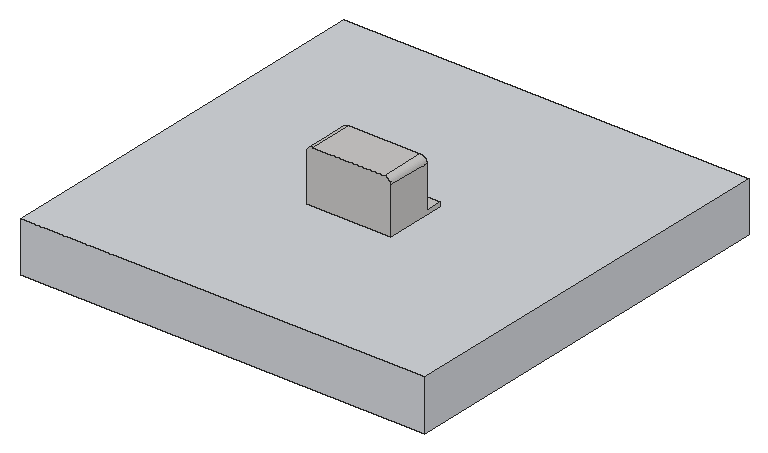
Revit family
Parameters (values of type "1650-1")
  Waste Connection = yes
  Voltage = 0
  Vent Connection = no
  VG4 - Vent Grille, 8-3/4" x 17" (Bottom Only) = no
  VG3 - Vent Grille, 8-3/4" x 8-3/4" (L, R) = no
  VAC - AcornVac System = no
  URL = "http://www.acornengineering.com"
  Type Comments = ""
  Termpered Water Connection = no
  TH - Single Towel Hook on Left or Right = no
  TH - Double Towel Hook on Left or Right = no
  TG - 12 Gage Cabinet = no
  TF - Transformer For Up to 12 Solenoids = no
  TB - Toothbrush Holder (Left or Right) = no
  SW - Wall Sleeve = no
  Revised Date = "11/04/2011"
  Phone # = "626-336-4561"
  PT - P-Trap Waste = no
  PH - Paper Holder (L, R) = no
  PBP - Pushrod Activated Pushbutton = no
  PBH - Hemispherical Pushbutton = no
  OF - Lavatory Overflow = no
  Model = "1650-1"
  Manufacturer = "Acorn Engineering"
  MVC2-BAT - Time-Trol - Hot & Cold, Battery Operated = no
  MVC2 - Time-Trol - Hot & Cold = no
  MVC1-BAT - Time-Trol - Single Temp, Battery Operated = no
  MVC1 - Time-Trol - Single Temp = no
  MT - Metal Template (only 1 reqd per project) = no
  MH - Metering, Hot Side only = no
  MA - Manifolded Valve (2,3,4) = no
  M - Metering = no
  LWE - Lavy Waste 3" (76mm) Standard Extension (Specify Length Beyond Fixture) = no
  LW1 - Lavy Through-Wall Extension With P-Trap = no
  LOB - Lavatory Oval Bowl = no
  LF - Lav-Filler = no
  IS - Integral Shelf = no
  HW Connection = no
  FMT - Fixture Mounted Trim = no
  EVSP2 - Electronic Valve System w/ Piezo Pushbuttons = no
  EVSP1 - Electronic Valve System w/ Piezo Pushbutton = no
  EVS2 - Electronic Valve System - Hot & Cold = no
  EVS1 - Electronic Valve System - Single Temp = no
  EG - Enviro-Glaze, Specify Color = no
  Designed By = "ATS BIM Team"
  Description = "20\" Rectangular Lavatory"
  Default Elevation = 32 1/2"
  CW Connection = no
  CI - Cycle Interrupt for Time-Trol Valves = no
  BPH - Bubbler, Penal Hemispherical = no
  BP - Bubbler, Penal = no
  BC - Bubbler, Code = no
  Assembly Code = ""
  Amperage = 0
  9 - Punched for Valve by Others (Specify Punching) = no
  3 - Air-Control, Single Temp, Non-Metering = no
  04 - Air-Control, H&C, Non-Metering = no
Reference planes (in)
  plane 1 "Center (Front/Back)": y = 0
  plane 2: z = 0
  plane 3 "Center (Left/Right)": x = 0
  plane 4: x = 10
  plane 5: x = -10
  plane 6: z = 12.5
  plane 7: y = -10.5
  plane 8: y = -8.25
Forms (in)
  Extrusion 1, solid
    sketch origin (0, 0, 0) x (1, 0, 0) y (0, 1, 0)
      loop
        line (-48, 48) -> (-48, -48) -> (48, -48) -> (48, 48) -> (-48, 48)
    from 0 to -12
  Extrusion 2, solid, material "Type 304 Stainless Steel"
    sketch origin (0, -5, 0) x (1, 0, 0) y (0, 0, -1)
      loop
        line (-10, 0) -> (-10, -11)
        arc (-10, -11) -> (-9.56066, -12.06066) -> (-8.5, -12.5) r 1.5
        line (-8.5, -12.5) -> (8.5, -12.5)
        arc (8.5, -12.5) -> (9.56066, -12.06066) -> (10, -11) r 1.5
        line (10, -11) -> (10, 0) -> (-10, 0)
    from -5.5 to 5
  Extrusion 3, solid, material "Type 304 Stainless Steel"
    sketch origin (-9, 0, 60) x (-1, 0, 0) y (0, 0, 1)
      loop
        line (1, -60) -> (1, -59) -> (-19, -59) -> (-19, -60) -> (1, -60)
    from 0 to 4
  Extrusion 4, solid
    sketch origin (1.5, -35.12958, -3) x (1, 0, 0) y (0, 1, 0)
      loop
        circle (-3, 26.87958) r 0.75
    from 0 to 3
  Extrusion 5, void
    sketch origin (9, 0, 60) x (-1, 0, 0) y (0, 0, -1)
      loop
        line (3.4758, 57.843) -> (1.031, 57.843)
        arc (1.031, 57.843) -> (0.85422, 57.76978) -> (0.781, 57.593) r 0.25
        line (0.781, 57.593) -> (0.781, 55.593)
        arc (0.781, 55.593) -> (0.85422, 55.41622) -> (1.031, 55.343) r 0.25
        line (1.031, 55.343) -> (2.531, 55.343)
        arc (2.531, 55.343) -> (2.70778, 55.41622) -> (2.781, 55.593) r 0.25
        line (2.781, 55.593) -> (2.781, 57.093)
        arc (2.781, 57.093) -> (2.85422, 57.26978) -> (3.031, 57.343) r 0.25
        line (3.031, 57.343) -> (3.28533, 57.343)
        arc (3.28533, 57.343) -> (3.3465, 57.60597) -> (3.4758, 57.843) r 1
      loop
        circle (2.281, 55.968) r 0.125
      loop
        circle (1.281, 55.968) r 0.125
      loop
        circle (1.781, 57.218) r 0.125
    from 0 to 0.22582
  Extrusion 6, void
    sketch origin (0, 0, 0) x (-1, 0, 0) y (0, 0, -1)
      loop
        arc (7.719, -11.25) -> (8.42611, -10.95711) -> (8.719, -10.25) r 1
        line (8.719, -10.25) -> (8.719, -2.75)
        arc (8.719, -2.75) -> (8.42611, -2.04289) -> (7.719, -1.75) r 1
        line (7.719, -1.75) -> (-4.719, -1.75)
        arc (-4.719, -1.75) -> (-5.42611, -2.04289) -> (-5.719, -2.75) r 1
        line (-5.719, -2.75) -> (-5.719, -10.25)
        arc (-5.719, -10.25) -> (-5.42611, -10.95711) -> (-4.719, -11.25) r 1
        line (-4.719, -11.25) -> (7.719, -11.25)
    from 0 to 5
Cuts and joins
  Extrusion 5, Extrusion 6 cuts Extrusion 2
  Extrusion 5, Extrusion 6 cuts Extrusion 3
  joined: Extrusion 2, Extrusion 3
Dimensions and locks (in)
  Extrusion 4 sketch curve to plane 3 "Center (Left/Right)" = 1 1/2"
  aligned and locked: plane 2 to Extrusion 1
  aligned and locked: level to Extrusion 1
Connectors (in)
  piping at (-1.5, -8.25, -3)
    settings: on Extrusion 4, index 2
